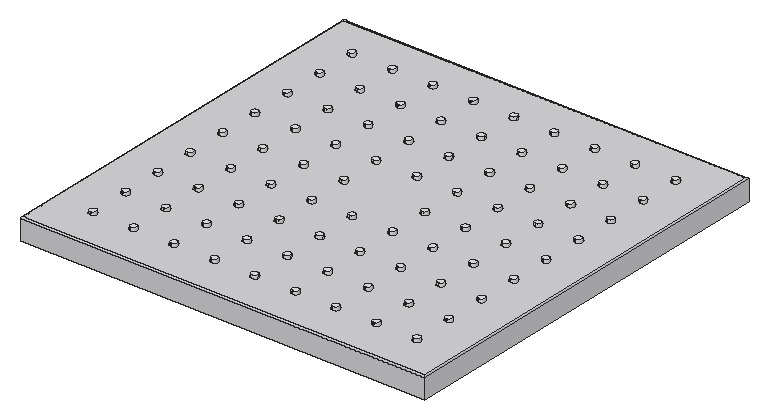
Revit family "Shower-Rainhead-KOHLER-KATALYST-K-13695X", category Plumbing Fixtures, host Face, Revit 2017 (continued)
Definition of nested family "K-13695X"
  Lines and regions (in)
    symbolic lines, detail levels medium+fine
      curve 271: arc (1.5272855, 1.6015625, 0) -> (1.6015625, 1.6758395, 0) -> (1.6758395, 1.6015625, 0) r 0.074277
      curve 272: arc (1.6758395, 1.6015625, 0) -> (1.6072274, 1.5275018, 0) -> (1.5281496, 1.5902657, 0) r 0.074277
      curve 273: arc (1.6, 1.534693, 0) -> (1.5360618, 1.5986313, 0) -> (1.6, 1.6625695, 0) r 0.0639382
      curve 274: arc (1.6, 1.6625695, 0) -> (1.6639382, 1.5986313, 0) -> (1.6, 1.534693, 0) r 0.0639382
      curve 275: arc (1.5272855, 2.4023437, 0) -> (1.6015625, 2.4766208, 0) -> (1.6758395, 2.4023437, 0) r 0.074277
      curve 276: arc (1.6758395, 2.4023437, 0) -> (1.6015625, 2.3280667, 0) -> (1.5272855, 2.4023437, 0) r 0.074277
      curve 277: arc (1.6, 2.334693, 0) -> (1.5360618, 2.3986313, 0) -> (1.6, 2.4625695, 0) r 0.0639382
      curve 278: arc (1.6, 2.4625695, 0) -> (1.6639382, 2.3986313, 0) -> (1.6, 2.334693, 0) r 0.0639382
      curve 279: arc (1.5272855, 3.203125, 0) -> (1.6015625, 3.277402, 0) -> (1.6758395, 3.203125, 0) r 0.074277
      curve 280: arc (1.6758395, 3.203125, 0) -> (1.6015625, 3.128848, 0) -> (1.5272855, 3.203125, 0) r 0.074277
      curve 281: arc (1.6, 3.134693, 0) -> (1.5360618, 3.1986313, 0) -> (1.6, 3.2625695, 0) r 0.0639382
      curve 282: arc (1.6, 3.2625695, 0) -> (1.6639382, 3.1986313, 0) -> (1.6, 3.134693, 0) r 0.0639382
      curve 283: arc (0.7265042, 3.203125, 0) -> (0.8007812, 3.277402, 0) -> (0.8750583, 3.203125, 0) r 0.074277
      curve 284: arc (0.8750583, 3.203125, 0) -> (0.8007812, 3.128848, 0) -> (0.7265042, 3.203125, 0) r 0.074277
      curve 285: arc (0.8, 3.2625695, 0) -> (0.8639382, 3.1986313, 0) -> (0.8, 3.134693, 0) r 0.0639382
      curve 286: arc (0.8, 3.134693, 0) -> (0.7360618, 3.1986313, 0) -> (0.8, 3.2625695, 0) r 0.0639382
      curve 287: arc (0.7265042, 2.4023437, 0) -> (0.8007812, 2.4766208, 0) -> (0.8750583, 2.4023437, 0) r 0.074277
      curve 288: arc (0.8750583, 2.4023437, 0) -> (0.8007812, 2.3280667, 0) -> (0.7265042, 2.4023437, 0) r 0.074277
      curve 289: arc (0.8, 2.4625695, 0) -> (0.8639382, 2.3986313, 0) -> (0.8, 2.334693, 0) r 0.0639382
      curve 290: arc (0.8, 2.334693, 0) -> (0.7360618, 2.3986313, 0) -> (0.8, 2.4625695, 0) r 0.0639382
      curve 291: arc (0.7265042, 1.6015625, 0) -> (0.8007812, 1.6758395, 0) -> (0.8750583, 1.6015625, 0) r 0.074277
      curve 292: arc (0.8750583, 1.6015625, 0) -> (0.8007812, 1.5272855, 0) -> (0.7265042, 1.6015625, 0) r 0.074277
      curve 293: arc (0.8, 1.6625695, 0) -> (0.8639382, 1.5986313, 0) -> (0.8, 1.534693, 0) r 0.0639382
      curve 294: arc (0.8, 1.534693, 0) -> (0.7360618, 1.5986313, 0) -> (0.8, 1.6625695, 0) r 0.0639382
      curve 295: arc (0.7265042, 0.8007812, 0) -> (0.8007812, 0.8750583, 0) -> (0.8750583, 0.8007812, 0) r 0.074277
      curve 296: arc (0.8750583, 0.8007812, 0) -> (0.8007812, 0.7265042, 0) -> (0.7265042, 0.8007812, 0) r 0.074277
      curve 297: arc (0.8, 0.8625695, 0) -> (0.8639382, 0.7986313, 0) -> (0.8, 0.734693, 0) r 0.0639382
      curve 298: arc (0.8, 0.734693, 0) -> (0.7360618, 0.7986313, 0) -> (0.8, 0.8625695, 0) r 0.0639382
      curve 299: arc (2.3280667, 3.203125, 0) -> (2.4023437, 3.277402, 0) -> (2.4766208, 3.203125, 0) r 0.074277
      curve 300: arc (2.4766208, 3.203125, 0) -> (2.4023437, 3.128848, 0) -> (2.3280667, 3.203125, 0) r 0.074277
      curve 301: arc (2.4, 3.2625695, 0) -> (2.4639382, 3.1986313, 0) -> (2.4, 3.134693, 0) r 0.0639382
      curve 302: arc (2.4, 3.134693, 0) -> (2.3360618, 3.1986313, 0) -> (2.4, 3.2625695, 0) r 0.0639382
      curve 303: circle (0, -0.7986313, 0) r 0.0639382 normal (0, 0, 1)
      curve 304: circle (0, -3.1986313, 0) r 0.0643354 normal (0, 0, -1)
      curve 305: circle (0, -2.3986313, 0) r 0.0642809 normal (0, 0, -1)
      curve 306: circle (0, -1.5986313, 0) r 0.0640079 normal (0, 0, -1)
      curve 307: arc (3.128848, 0, 0) -> (3.203125, 0.074277, 0) -> (3.277402, 0, 0) r 0.074277
      curve 308: arc (3.277402, 0, 0) -> (3.203125, -0.074277, 0) -> (3.128848, 0, 0) r 0.074277
      curve 309: circle (3.2, 0.0013687, 0) r 0.0639382 normal (0, 0, 1)
      curve 310: arc (2.3280667, 0, 0) -> (2.4023438, 0.074277, 0) -> (2.4766208, 0, 0) r 0.074277
      curve 311: arc (2.4766208, 0, 0) -> (2.4023438, -0.074277, 0) -> (2.3280667, 0, 0) r 0.074277
      curve 312: circle (2.4, 0.0013687, 0) r 0.0639382 normal (0, 0, 1)
      curve 313: circle (1.6, 0.0013687, 0) r 0.0639382 normal (0, 0, 1)
      curve 314: circle (0.8, 0.0013687, 0) r 0.0639382 normal (0, 0, 1)
      curve 315: arc (-1.5268562, 0, 0) -> (-1.6011333, 0.074277, 0) -> (-1.6754103, 0, 0) r 0.074277
      curve 316: arc (-1.6754103, 0, 0) -> (-1.6011333, -0.074277, 0) -> (-1.5268562, 0, 0) r 0.074277
      curve 317: arc (-0.7262627, 0, 0) -> (-0.8005397, 0.074277, 0) -> (-0.8748168, 0, 0) r 0.074277
      curve 318: arc (-0.8748168, 0, 0) -> (-0.8005397, -0.074277, 0) -> (-0.7262627, 0, 0) r 0.074277
      curve 319: arc (0.0752796, 0.8015423, 0) -> (0.0010026, 0.8758194, 0) -> (-0.0732744, 0.8015423, 0) r 0.074277
      curve 320: arc (-0.0732744, 0.8015423, 0) -> (0.0010026, 0.7272653, 0) -> (0.0752796, 0.8015423, 0) r 0.074277
      curve 321: arc (0.0752796, 1.6010491, 0) -> (0.0010026, 1.6753262, 0) -> (-0.0732744, 1.6010491, 0) r 0.074277
      curve 322: arc (-0.0732744, 1.6010491, 0) -> (0.0010026, 1.5267721, 0) -> (0.0752796, 1.6010491, 0) r 0.074277
      curve 323: circle (0, 2.4023437, 0) r 0.074277 normal (0, 0, 1)
      curve 324: circle (0, 3.203125, 0) r 0.074277 normal (0, 0, 1)
      curve 325: circle (0, -0.8007812, 0) r 0.074277 normal (0, 0, 1)
      curve 326: circle (0, -1.6015625, 0) r 0.074277 normal (0, 0, 1)
      curve 327: circle (0, -2.4023437, 0) r 0.074277 normal (0, 0, 1)
      curve 328: circle (0, -3.203125, 0) r 0.074277 normal (0, 0, 1)
      curve 329: circle (0.8007813, 0, 0) r 0.074277 normal (0, 0, 1)
      curve 330: circle (1.6015625, 0, 0) r 0.074277 normal (0, 0, 1)
      curve 331: line (-0.3328092, 0, 1.0790458) -> (0.3328092, 0, 1.0790458)
      curve 332: line (-0.3509435, 0, 0.966084) -> (0.3509435, 0, 0.966084)
      curve 333: line (0, 0.3372189, 1.0833798) -> (0, -0.3372189, 1.0833798)
      curve 334: line (0, 0.3539019, 0.963862) -> (0, -0.3539019, 0.963862)
  Dimensions and locks (in)
    plane 8 to level = 2.55906"
    locked: plane 4 to plane 5 at 7.992126
    locked: plane 7 to plane 6 at 7.992126
    aligned and locked: plane 2 to level
